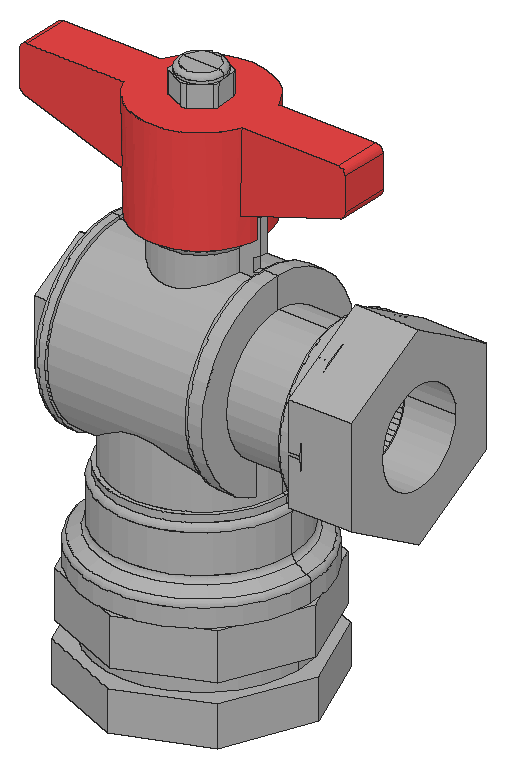
Revit family "QD40400000", category Apparecchi idraulici, Revit 2016
Family settings
  Tipo di parte = Normale
  Quota connettore circolare = Usa diametro
  Numero OmniClass = 23.45.00.00
  Titolo OmniClass = Sanitary, Laundry, and Cleaning Equipment
  Basato su piano di lavoro = No
  Sempre verticale = Sì
  Taglio con vuoti quando caricato = No
  Condiviso = No
  Punto di calcolo locali = No
Parameters
  URL = "https://web.cimberio.it/index.php/figura/281?subcategoria_id=43550"
  Produttore = "CIMBERIO SPA"
  Modello = "Cim 284"
  DN Model [instance] = QD40403163 : QD40403163
  DN [instance] = 20 mm
Reference planes
  plane 1 "Centro (Fronte/Retro)": y = 0
  plane 2: z = 0
  plane 3 "Centro (Sinistra/Destra)": x = 0
Dimensions and locks
  aligned and locked: level to plane 2
Nested families
  nested 1: "QD40403163" at (0, 0, 0), type <- "DN Model", type "QD40403163"
  nested 2: "QD40403163" at (0, 0, 0), type <- "DN Model", type "QD40403163"
  nested 3: "QD40403163" at (0, 0, 0), type <- "DN Model", type "QD40403163"
  nested 4: "QD40403163" at (0, 0, 0), type <- "DN Model", type "QD40403163"
  nested 5: "QD40403163" at (0, 0, 0), type <- "DN Model", type "QD40403163"
  nested 6: "QD40403163" at (0, 0, 0), type <- "DN Model", type "QD40403163"
  nested 7: "QD40403163" at (0, 0, 0), type <- "DN Model", type "QD40403163"
  nested 8: "QD40403163" at (0, 0, 0), type <- "DN Model", type "QD40403163"
  nested 9: "QD40403163" at (0, 0, 0), type <- "DN Model", type "QD40403163"
Connectors
  piping at (46.8, 0, 0), diameter 20, driven by "DN"
    settings: on nested 1, index 1, connector inside diameter 609.6 mm, connector length 0 mm, flow factor 0, pipe flow 0.0 L/s, pressure drop 0.0 Pa, fitting loss kfactor 0, connector angle 0.00°, fixture units 0, engagement length 0 mm, angle of deflection 0.00°, flow configuration 0, flow direction 0, fitting loss method 0, system type 7, joint type 0, gender type 0, connector reference index -1, connector utility 0, adjustable connector no, is connector primary yes, connector description ""
  piping at (0, 0, -62.271), diameter 20, driven by "DN"
    settings: on nested 1, index 2, connector inside diameter 609.6 mm, connector length 0 mm, flow factor 0, pipe flow 0.0 L/s, pressure drop 0.0 Pa, fitting loss kfactor 0, connector angle 0.00°, fixture units 0, engagement length 0 mm, angle of deflection 0.00°, flow configuration 0, flow direction 0, fitting loss method 0, system type 7, joint type 0, gender type 0, connector reference index -1, connector utility 0, adjustable connector no, is connector primary no, connector description ""
Definition of nested family "QD40403163"
  Parameters (values of type "QD40403163")
    Model = "QD40403163"
    DN [instance] = "1\""
  Reference planes
    plane 1 "Centro (Fronte/Retro)": y = 0
    plane 2: z = 0
    plane 3 "Centro (Sinistra/Destra)": x = 0
  Forms (mm)
    Revolve 1, solid
      sketch origin (0, 0, 0) x (1, 0, 0) y (0, 0, 1)
        loop
          line (-17.6, 10) -> (16.5, 10) -> (16.5, 20.5) -> (13.5, 20.5)
          arc (13.5, 20.5) -> (12.793, 20.207) -> (12.5, 19.5) r 1
          line (12.5, 19.5) -> (-17.6, 19.5) -> (-17.6, 10)
        axis (-17.6, 0) -> (16.5, 0)
      angle from 0 to 360
    Revolve 2, solid
      sketch origin (0, 0, 0) x (1, 0, 0) y (0, 0, 1)
        loop
          line (-17.6, 20) -> (-19.099, 20)
          arc (-19.099, 20) -> (-19.807, 19.707) -> (-20.1, 19) r 1
          line (-20.1, 19) -> (-20.1, 10) -> (-17.6, 10) -> (-17.6, 20)
        axis (-20.1, 0) -> (-17.6, 0)
      angle from 0 to 360
    Revolve 3, solid
      sketch origin (0, 0, 0) x (1, 0, 0) y (0, 0, 1)
        loop
          line (16.5, 14) -> (16.5, 10) -> (30.8, 10) -> (30.8, 14) -> (16.5, 14)
        axis (16.5, 0) -> (30.8, 0)
      angle from 0 to 360
    Revolve 4, solid
      sketch origin (0, 0, 0) x (1, 0, 0) y (0, 0, 1)
        loop
          arc (31.3, 18) -> (30.946, 17.854) -> (30.8, 17.5) r 0.5
          line (30.8, 17.5) -> (30.8, 10) -> (35.698, 10) -> (35.698, 18) -> (31.3, 18)
        axis (30.8, 0) -> (35.698, 0)
      angle from 0 to 360
    Revolve 5, solid
      sketch origin (0, 0, 0) x (1, 0, 0) y (0, 0, 1)
        loop
          line (-10, -6.076) -> (-17.6, -6.076) -> (-17.6, -20.903)
          arc (-17.6, -20.903) -> (-18.051, -20.927) -> (-18.5, -20.98) r 7.058
          line (-18.5, -20.98) -> (-18.5, -22.48)
          arc (-18.5, -22.48) -> (-19.225, -23.027) -> (-19.5, -23.893) r 1.496
          line (-19.5, -23.893) -> (-19.5, -32.133)
          arc (-19.5, -32.133) -> (-19.701, -32.883) -> (-20.25, -33.433) r 1.5
          line (-20.25, -33.433) -> (-22.75, -34.876)
          arc (-22.75, -34.876) -> (-23.299, -35.426) -> (-23.5, -36.177) r 1.5
          line (-23.5, -36.177) -> (-23.5, -40) -> (-10, -40) -> (-10, -6.076)
        axis (0, -6.076) -> (0, -40)
      angle from 0 to 360
    Revolve 6, solid
      sketch origin (0, 0, 0) x (1, 0, 0) y (0, 0, 1)
        loop
          line (-21, -53.771) -> (-10, -53.771) -> (-10, -50) -> (-21, -50) -> (-21, -53.771)
        axis (0, -50) -> (0, -53.771)
      angle from 0 to 360
    Revolve 7, solid
      sketch origin (0, 0, 0) x (1, 0, 0) y (0, 0, 1)
        loop
          line (5, 31.3) -> (5, 15.282) -> (9.381, 15.282) -> (9.381, 24)
          arc (9.381, 24) -> (9.751, 24.365) -> (9.887, 24.866) r 0.994
          line (9.887, 24.866) -> (9.887, 31.3) -> (5, 31.3)
        axis (0, 31.3) -> (0, 15.282)
      angle from 0 to 360
    Revolve 8, solid
      sketch origin (0, 0, 0) x (1, 0, 0) y (0, 0, 1)
        loop
          line (-1.75, 26.8) -> (-1.75, 32.8) -> (0, 32.8) -> (0, 49.8) -> (-13.579, 49.8) -> (-13.134, 26.8) -> (-1.75, 26.8)
        axis (0, 49.8) -> (0, 26.8)
      angle from 0 to 360
    Revolve 9, solid
      sketch origin (0, 0, 0) x (1, 0, 0) y (0, 0, 1)
        loop
          line (0, 55.8) -> (0, 53.928) -> (4.75, 53.928) -> (4.75, 54.8)
          arc (4.75, 54.8) -> (4.456, 55.508) -> (3.748, 55.8) r 1
          line (3.748, 55.8) -> (0, 55.8)
        axis (0, 55.8) -> (0, 53.928)
      angle from 0 to 360
    Extrusion 10, solid
      sketch origin (0, 0, 0) x (1, 0, 0) y (0, 0, 1)
        loop
          arc (-33.5, 49.8) -> (-34.561, 49.361) -> (-35, 48.3) r 1.5
          line (-35, 48.3) -> (-35, 41.227)
          arc (-35, 41.227) -> (-34.714, 40.345) -> (-33.964, 39.8) r 1.5
          line (-33.964, 39.8) -> (-10.874, 32.298) -> (-10.874, 49.8) -> (-33.5, 49.8)
        loop
          line (33.5, 49.8) -> (10.874, 49.8) -> (10.874, 32.298) -> (33.964, 39.8)
          arc (33.964, 39.8) -> (34.714, 40.345) -> (35, 41.227) r 1.5
          line (35, 41.227) -> (35, 48.3)
          arc (35, 48.3) -> (34.561, 49.361) -> (33.5, 49.8) r 1.5
      from -5 to 5
    Extrusion 11, solid
      sketch origin (0, 0, 28.55) x (1, 0, 0) y (0, 1, 0)
        loop
          line (-1.146, 5.373) -> (-4.802, 2.675)
          arc (-4.802, 2.675) -> (-5.145, 2.245) -> (-5.227, 1.701) r 1.063
          line (-5.227, 1.701) -> (-4.719, -2.806)
          arc (-4.719, -2.806) -> (-4.514, -3.33) -> (-4.073, -3.682) r 1.088
          line (-4.073, -3.682) -> (0.09, -5.499)
          arc (0.09, -5.499) -> (0.628, -5.58) -> (1.134, -5.381) r 1.051
          line (1.134, -5.381) -> (4.803, -2.674)
          arc (4.803, -2.674) -> (5.145, -2.245) -> (5.227, -1.703) r 1.06
          line (5.227, -1.703) -> (4.717, 2.823)
          arc (4.717, 2.823) -> (4.517, 3.333) -> (4.089, 3.675) r 1.058
          line (4.089, 3.675) -> (-0.077, 5.493)
          arc (-0.077, 5.493) -> (-0.628, 5.576) -> (-1.146, 5.373) r 1.076
      from 21.25 to 25.75
    Extrusion 12, solid
      sketch origin (0, 0, 0) x (1, 0, 0) y (0, 0, 1)
        loop
          line (14, 31.3) -> (8.237, 31.3) -> (8.237, 18.694) -> (13.5, 18.694) -> (13.5, 20.5) -> (12.5, 20.5) -> (12.5, 23.134) -> (14, 24) -> (14, 31.3)
      from 0 to 1.41
    Extrusion 13, solid
      sketch origin (-11, 0, 0) x (0, 0, 1) y (0, 1, 0)
        loop
          circle (0, 0) r 10
        loop
          line (14, 0) -> (7, 12.124) -> (-7, 12.124) -> (-14, 0) -> (-7, -12.124) -> (7, -12.124) -> (14, 0)
      from 9.1 to 15.1
    Extrusion 14, solid
      sketch origin (0, 0, 0) x (0, 1, 0) y (0, 0, 1)
        loop
          circle (0, 0) r 10
        loop
          line (0, 20.75) -> (-17.97, 10.375) -> (-17.97, -10.375) -> (0, -20.75) -> (17.97, -10.375) -> (17.97, 10.375) -> (0, 20.75)
      from 33.3 to 46.8
    Extrusion 15, solid
      sketch origin (0, 0, 28.55) x (1, 0, 0) y (0, 1, 0)
        loop
          circle (0, 0) r 10
        loop
          line (0, 24.7) -> (-17.466, 17.466) -> (-24.7, 0) -> (-17.466, -17.466) -> (0, -24.7) -> (17.466, -17.466) -> (24.7, 0) -> (17.466, 17.466) -> (0, 24.7)
      from -78.55 to -68.55
    Extrusion 16, solid
      sketch origin (0, 0, 28.55) x (1, 0, 0) y (0, 1, 0)
        loop
          circle (0, 0) r 10
        loop
          line (0, 25.2) -> (-17.819, 17.819) -> (-25.2, 0) -> (-17.819, -17.819) -> (0, -25.2) -> (17.819, -17.819) -> (25.2, 0) -> (17.819, 17.819) -> (0, 25.2)
      from -90.821 to -82.321
  Cuts and joins
    joined: Revolve 8, Extrusion 10
  Dimensions and locks
    aligned and locked: level to plane 2
